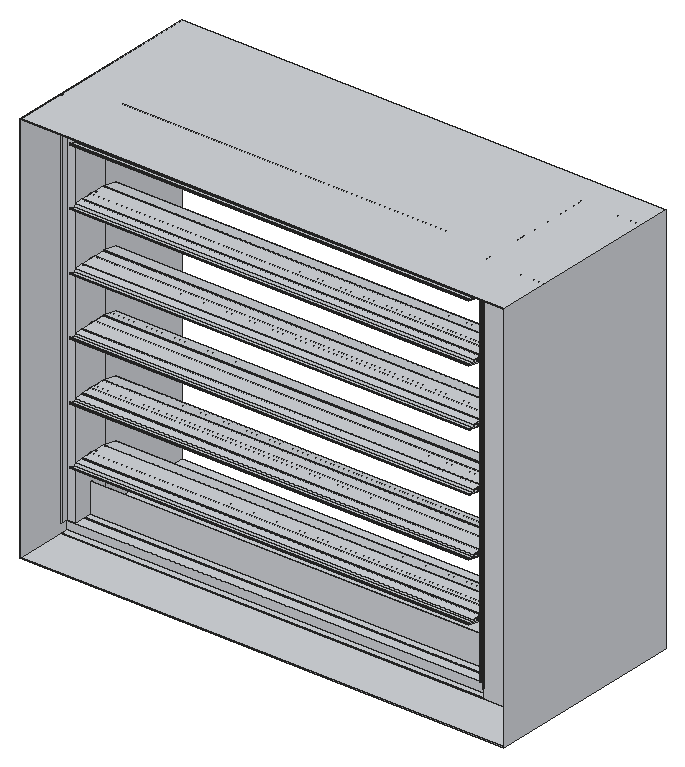
Revit family "FS-AF-FA-I, FS-AF-FA-II", category Mechanical Equipment, Revit 2015
Parameters
  URL = "https://unitedenertech.com/catalog/pdf/P-52%20%20FS-AF-FA-I.pdf-color.pdf"
  Type Comments = "Max. Single Section Size is 42\"w x 48\"h"
  Model = "F/S-AF-FA-I, F/S-AF-FA-II"
  Manufacturer = "United Enertech Corporation"
  Keynote = "FSLF-120 Actuator Shown, See Website for Correct Actuator for Damper Size."
  Exact Width = 4' - 0"
  Exact Height = 3' - 3"
  Description = "Front Access Combination Fire/Smoke Damper"
  Depth = 1' - 8"
  Blade Spacing = 0' - 5 3/4"
  Blade Number [instance] = rounddown((Exact Height - 0' 3") / Blade Spacing)  # 6
  BW [instance] = Exact Width - 0' 8 1/2"  # 3' - 3 1/2"
Reference planes (in)
  plane 1 "Center (Front/Back)": y = 0
  plane 2: z = 0
  plane 3 "Center (Left/Right)": x = 0
  plane 4: z = 39
  plane 5: x = -24
  plane 6: x = 24
  plane 7: z = 0.0359
  plane 8: z = 38.9641
  plane 9: x = -23.9641
  plane 10: x = 23.9641
  plane 11: y = 15
  plane 12: y = -5
  plane 13: y = 5
  plane 14: z = 0.9348
  plane 15: z = 38.0293
  plane 16: x = -23.0293
  plane 17: x = 23.0293
  plane 18: y = 4.3098
  plane 19: z = 37.5
  plane 20: z = 35.24218
  plane 21: z = 35.97045
  plane 22: z = 35.35
  plane 23: x = 17.9641
  plane 24: x = 17.99926
  plane 25: x = -3
  plane 26: x = 17.03051
  plane 27: y = 0.03516
  plane 28: y = 12
  plane 29: y = 11.96484
Forms (in)
  Extrusion 1, solid
    sketch origin (0, 0, 0) x (1, 0, 0) y (0, 0, 1)
      loop
        line (-23.9641, 38.9641) -> (-23.9641, 0.0359) -> (23.9641, 0.0359) -> (23.9641, 38.9641) -> (-23.9641, 38.9641)
      loop
        line (-24, 39) -> (-24, 0) -> (24, 0) -> (24, 39) -> (-24, 39)
    from -15 to 5
  Extrusion 2, solid
    sketch origin (23.93472, -8.11588, 0) x (1, 0, 0) y (0, 1, 0)
      loop
        line (-47.83902, 8.11588) -> (-47.83902, 8.17568) -> (-47.83902, 8.80608) -> (-46.96402, 8.80608) -> (-46.96402, 12.42568) -> (-47.83902, 12.42568) -> (-47.83902, 13.05608) -> (-47.83902, 13.11588) -> (-47.89882, 13.11588) -> (-47.89882, 12.36588) -> (-47.02382, 12.36588) -> (-47.02382, 8.86588) -> (-47.89882, 8.86588) -> (-47.89882, 8.11588) -> (-47.83902, 8.11588)
    from 0.9348 to 38.0293
  Extrusion 3, solid
    sketch origin (31.96104, -8.11588, 36.89882) x (0, 0, 1) y (0, 1, 0)
      loop
        line (-36.83902, 8.17568) -> (-36.83902, 8.80608) -> (-35.96402, 8.80608) -> (-35.96402, 12.42568) -> (-36.83902, 12.42568) -> (-36.83902, 13.05608) -> (-36.83902, 13.11588) -> (-36.89882, 13.11588) -> (-36.89882, 12.36588) -> (-36.02382, 12.36588) -> (-36.02382, 8.86588) -> (-36.89882, 8.86588) -> (-36.89882, 8.11588) -> (-36.83902, 8.11588) -> (-36.83902, 8.17568)
    from 13.99694 to 55.92514
  Extrusion 4, solid
    sketch origin (26.89178, -38.52709, 32.33205) x (0, -1, 0) y (0, 0, -1)
      loop
        line (-41.02709, -5.19725) -> (-41.02709, -5.69725) -> (-40.27709, -5.69725) -> (-40.27709, -5.61625) -> (-40.94609, -5.61625) -> (-40.94609, -5.19725) -> (-41.02709, -5.19725)
    from -49.92108 to -9.86127
  Extrusion 5, solid
    sketch origin (62.39247, 5.64851, 0.33329) x (0, 1, 0) y (0, 0, 1)
      loop
        line (-3.14851, 3.60151) -> (-3.22663, 3.60151) -> (-3.22663, 0.67964) -> (-3.89851, 0.67964) -> (-3.89851, 0.60151) -> (-3.14851, 0.60151) -> (-3.14851, 3.60151)
    from -85.42177 to -45.36196
  Extrusion 6, solid
    sketch origin (31.96104, -8.11588, 11.06528) x (0, 0, -1) y (0, -1, 0)
      loop
        line (-27.83902, -8.17568) -> (-27.83902, -8.11588) -> (-27.89882, -8.11588) -> (-27.89882, -8.86588) -> (-27.02382, -8.86588) -> (-27.02382, -12.36588) -> (-27.89882, -12.36588) -> (-27.89882, -13.11588) -> (-27.83902, -13.11588) -> (-27.83902, -13.05608) -> (-27.83902, -12.42568) -> (-26.96402, -12.42568) -> (-26.96402, -8.80608) -> (-27.83902, -8.80608) -> (-27.83902, -8.17568)
    from 13.99694 to 55.92514
  Extrusion 7, solid
    sketch origin (0, 0, 0) x (0, 1, 0) y (0, 0, 1)
      loop
        line (7.9528, 35.24218) -> (7.6668, 35.24218)
        arc (7.6668, 35.24218) -> (7.8098, 34.71875) -> (7.9528, 35.24218) r 0.28125
    from -23.9641 to 23.9641
  Extrusion 8, solid
    sketch origin (-29.93472, -8.11588, 0) x (-1, 0, 0) y (0, -1, 0)
      loop
        line (-47.83902, -8.11588) -> (-47.89882, -8.11588) -> (-47.89882, -8.86588) -> (-47.02382, -8.86588) -> (-47.02382, -12.36588) -> (-47.89882, -12.36588) -> (-47.89882, -13.11588) -> (-47.83902, -13.11588) -> (-47.83902, -13.05608) -> (-47.83902, -12.42568) -> (-46.96402, -12.42568) -> (-46.96402, -8.80608) -> (-47.83902, -8.80608) -> (-47.83902, -8.17568) -> (-47.83902, -8.11588)
    from 0.9348 to 38.0293
  Extrusion 9, solid
    sketch origin (0, 0, 0) x (1, 0, 0) y (0, 1, 0)
      loop
        line (23.9641, 12) -> (17.9641, 12) -> (17.9641, 0) -> (23.9641, 0) -> (23.9641, 0.03516) -> (17.99926, 0.03516) -> (17.99926, 11.96484) -> (23.9641, 11.96484) -> (23.9641, 12)
    from 0 to 38.9641
Dimensions and locks (in)
  "Exact Height": plane 4 to level
  equal spacing: plane 5, plane 3 "Center (Left/Right)", plane 6
  "Exact Width": plane 5 to plane 6
  locked: plane 7 to level at 0.0359
  locked: plane 4 to plane 8 at 0.0359
  locked: plane 5 to plane 9 at 0.0359
  locked: plane 10 to plane 6 at 0.0359
  "Depth": plane 11 to plane 12
  locked: plane 14 to level at 0.9348
  locked: plane 8 to plane 15 at 0.9348
  locked: plane 16 to plane 9 at 0.9348
  locked: plane 10 to plane 17 at 0.9348
  locked: plane 13 to plane 18 at 0.6902
  locked: plane 4 to plane 19 at 1.5
  locked: plane 4 to plane 20 at 3.75782
  locked: plane 4 to plane 21 at 3.02955
  locked: plane 4 to plane 22 at 3.65
  equal spacing: group 2, group 3, group 4, group 5, group 6, group 7  (x2)
  equal spacing: group 7, group 6, group 5, group 4, group 3, group 2
  "Blade Spacing": nested 6 to nested 5
  locked: plane 23 to plane 10 at 6
  locked: plane 23 to plane 24 at 0.03516
  equal spacing: plane 9, plane 25, plane 23
  locked: plane 26 to plane 23 at 0.93359
  locked: plane 1 "Center (Front/Back)" to plane 27 at 0.03516
  locked: plane 1 "Center (Front/Back)" to plane 28 at 12
  locked: plane 29 to plane 28 at 0.03516
  locked: plane 28 to plane 11 at 3
  aligned and locked: level to plane 2
  aligned and locked: Extrusion 1 sketch curve to plane 4
  aligned and locked: level to Extrusion 1 sketch curve
  aligned and locked: Extrusion 1 sketch curve to plane 5
  aligned and locked: Extrusion 1 sketch curve to plane 6
  aligned and locked: Extrusion 1 sketch curve to plane 8
  aligned and locked: plane 7 to Extrusion 1 sketch curve
  aligned and locked: plane 10 to Extrusion 1 sketch curve
  aligned and locked: plane 9 to Extrusion 1 sketch curve
  aligned and locked: plane 11 to Extrusion 1
  aligned and locked: Extrusion 1 to plane 12
  aligned and locked: Extrusion 2 to plane 9
  aligned and locked: Extrusion 3 to plane 9
  aligned and locked: Extrusion 2 to plane 14
  aligned and locked: plane 8 to Extrusion 6
  aligned and locked: plane 15 to Extrusion 2
  aligned and locked: Extrusion 6 to plane 9
  aligned and locked: Extrusion 5 to plane 16
  aligned and locked: Extrusion 6 to plane 15
  aligned and locked: plane 15 to Extrusion 4
  aligned and locked: Extrusion 4 to plane 16
  aligned and locked: nested 2 to plane 10
  aligned and locked: plane 9 to nested 3
  aligned and locked: nested 3 to plane 18
  aligned and locked: plane 18 to nested 2
  aligned and locked: Extrusion 7 to plane 10
  aligned and locked: Extrusion 7 to plane 9
  aligned and locked: nested 3 to plane 19
  aligned and locked: plane 19 to nested 2
  aligned and locked: plane 20 to Extrusion 7
  aligned and locked: plane 17 to nested 4
  aligned and locked: plane 21 to nested 4
  aligned and locked: plane 22 to nested 5
  aligned and locked: Extrusion 6 to plane 23
  aligned and locked: Extrusion 4 to plane 26
  aligned and locked: Extrusion 5 to plane 26
  aligned and locked: Extrusion 3 to plane 23
  aligned and locked: nested 5 to plane 25
  aligned and locked: plane 15 to Extrusion 8
  aligned and locked: Extrusion 9 sketch curve to plane 10  (x2)
  aligned and locked: Extrusion 9 sketch curve to plane 28
  aligned and locked: plane 29 to Extrusion 9 sketch curve
  aligned and locked: plane 23 to Extrusion 9 sketch curve
  aligned and locked: Extrusion 9 sketch curve to plane 24
  aligned and locked: plane 1 "Center (Front/Back)" to Extrusion 9 sketch curve
  aligned and locked: Extrusion 9 sketch curve to plane 27
  aligned and locked: plane 8 to Extrusion 9
Automatic sketch dimensions
  Extrusion 2 sketch curve to plane 9 = 0' - 0"  (x2)
  plane 1 "Center (Front/Back)" to Extrusion 2 sketch curve = 0' - 0"
  plane 18 to Extrusion 2 sketch curve = 0' - 0"
  plane 13 to Extrusion 2 sketch curve = 0' - 0"
  Extrusion 2 sketch curve to plane 16 = 0' - 0"
  plane 9 to Extrusion 2 sketch curve = 0' - 0.0598"  (x2)
  Extrusion 2 sketch curve to plane 16 = 0' - 0.0598"
  Extrusion 2 sketch curve to plane 1 "Center (Front/Back)" = 0' - 0.0598"
  Extrusion 2 sketch curve to Extrusion 2 sketch curve = 0' - 0.6304"
  Extrusion 2 sketch curve to Extrusion 2 sketch curve = 0' - 0.0598"  (x2)
  plane 18 to Extrusion 2 sketch curve = 0' - 0.0598"
  Extrusion 3 sketch curve to level = 0' - 0"  (x2)
  Extrusion 3 sketch curve to plane 1 "Center (Front/Back)" = 0' - 0"
  Extrusion 3 sketch curve to plane 18 = 0' - 0"
  Extrusion 3 sketch curve to plane 13 = 0' - 0"
  Extrusion 3 sketch curve to plane 14 = 0' - 0"
  plane 7 to Extrusion 3 sketch curve = 0' - 0.0239"  (x2)
  Extrusion 3 sketch curve to plane 14 = 0' - 0.0598"
  Extrusion 3 sketch curve to plane 1 "Center (Front/Back)" = 0' - 0.0598"
  Extrusion 3 sketch curve to Extrusion 3 sketch curve = 0' - 0.6304"
  Extrusion 3 sketch curve to Extrusion 3 sketch curve = 0' - 0.0598"
  plane 18 to Extrusion 3 sketch curve = 0' - 0.0598"
  plane 13 to Extrusion 3 sketch curve = 0' - 0.0598"
  plane 15 to Extrusion 4 sketch curve = 0' - 0"
  plane 19 to Extrusion 4 sketch curve = 0' - 0.0293"
  plane 18 to Extrusion 4 sketch curve = 0' - 1.8098"
  Extrusion 4 sketch curve to Extrusion 4 sketch curve = 0' - 0.081"
  Extrusion 4 sketch curve to plane 15 = 0' - 0.081"
  Extrusion 4 sketch curve to Extrusion 4 sketch curve = 0' - 0.669"
  plane 14 to Extrusion 5 sketch curve = 0' - 0"
  plane 14 to Extrusion 5 sketch curve = 0' - 0 5/64"
  Extrusion 5 sketch curve to plane 1 "Center (Front/Back)" = 0' - 1 3/4"
  plane 18 to Extrusion 5 sketch curve = 0' - 1.88793"
  Extrusion 5 sketch curve to Extrusion 5 sketch curve = 0' - 0 5/64"
  Extrusion 5 sketch curve to Extrusion 5 sketch curve = 0' - 2 59/64"
  Extrusion 6 sketch curve to plane 8 = 0' - 0"  (x2)
  Extrusion 6 sketch curve to plane 1 "Center (Front/Back)" = 0' - 0"
  Extrusion 6 sketch curve to plane 18 = 0' - 0"
  Extrusion 6 sketch curve to plane 13 = 0' - 0"
  Extrusion 6 sketch curve to plane 15 = 0' - 0"
  Extrusion 6 sketch curve to plane 8 = 0' - 0.0598"  (x2)
  plane 15 to Extrusion 6 sketch curve = 0' - 0.0598"
  plane 13 to Extrusion 6 sketch curve = 0' - 0.0598"
  plane 18 to Extrusion 6 sketch curve = 0' - 0.0598"
  Extrusion 6 sketch curve to Extrusion 6 sketch curve = 0' - 0 3/4"
  Extrusion 6 sketch curve to Extrusion 6 sketch curve = 0' - 0.0598"  (x2)
  Extrusion 7 sketch curve to plane 20 = 0' - 0"
  Extrusion 7 sketch curve to plane 13 = 0' - 2.6668"
  Extrusion 7 sketch curve to Extrusion 7 sketch curve = 0' - 0.143"
  Extrusion 7 sketch curve to plane 20 = 0' - 0 31/128"
  plane 13 to Extrusion 8 sketch curve = 0' - 0"
  Extrusion 8 sketch curve to plane 23 = 0' - 0"  (x2)
  plane 1 "Center (Front/Back)" to Extrusion 8 sketch curve = 0' - 0"
  plane 18 to Extrusion 8 sketch curve = 0' - 0"
  Extrusion 8 sketch curve to plane 23 = 0' - 0.0598"  (x2)
  plane 26 to Extrusion 8 sketch curve = 0' - 0 15/256"
  Extrusion 8 sketch curve to plane 26 = 0' - 0.00121"
  plane 1 "Center (Front/Back)" to Extrusion 8 sketch curve = 0' - 0.0598"
  Extrusion 8 sketch curve to Extrusion 8 sketch curve = 0' - 0.6304"
  Extrusion 8 sketch curve to Extrusion 8 sketch curve = 0' - 0.0598"
  Extrusion 8 sketch curve to plane 18 = 0' - 0.0598"
  Extrusion 8 sketch curve to plane 13 = 0' - 0.0598"
Nested families (in)
  nested 1: "160BL" at (62.39247, -25.11688, 30.67097), type "160BL", not visible
    with Blade Width 3' - 3 1/2"
  nested 2: "Fire Smoke Actuator Bracket" at (24.23913, 4.3098, 36.56141) x (0, 0, 1) z (0, 1, 0), type "Fire Smoke Actuator Bracket"
  nested 3: "Fire Smoke Actuator Bracket" at (-24.23913, 4.3098, 36.56141) x (0, 0, 1) z (0, 1, 0), type "Fire Smoke Actuator Bracket"
  nested 4: "FSLF-120" at (20.8204, 12.99816, 27.76305), type "FSLF-120"
  nested 5: "160BL" at (-3, 2.25202, 33.74365), type "160BL"
    with Blade Width 3' - 3 1/2"
  nested 6: "160BL" at (-3, 2.25202, 27.99365), type "160BL"
    with Blade Width 3' - 3 1/2"
  nested 7: "160BL" at (-3, 2.25202, 22.24365), type "160BL"
    with Blade Width 3' - 3 1/2"
  nested 8: "160BL" at (-3, 2.25202, 16.49365), type "160BL"
    with Blade Width 3' - 3 1/2"
  nested 9: "160BL" at (-3, 2.25202, 10.74365), type "160BL"
    with Blade Width 3' - 3 1/2"
  nested 10: "160BL" at (-3, 2.25202, 4.99365), type "160BL"
    with Blade Width 3' - 3 1/2"
Definition of nested family "160BL"
  Parameters (values of type "160BL")
    Blade Width = 2' - 0"
  Reference planes (in)
    plane 1 "Center (Front/Back)": y = 0
    plane 2: z = 0
    plane 3 "Center (Left/Right)": x = 0
    plane 4: x = -12
    plane 5: x = 12
    plane 6: x = 13
    plane 7: x = 10
    plane 8: x = -10
    plane 9: x = -13
  Forms (in)
    Extrusion 1, solid
      sketch origin (-29.66395, -41.88595, -4.51752) x (0, -1, 0) y (0, 0, -1)
        loop
          line (-42.3214, -5.69562) -> (-42.3214, -6.04405) -> (-41.94647, -6.04405) -> (-41.94647, -5.69562) -> (-42.3214, -5.69562)
      from 39.66395 to 42.66395
    Extrusion 2, solid
      sketch origin (-29.66395, -42.01854, -6.8342) x (0, -1, 0) y (0, 0, -1)
        loop
          line (-43.46599, -7.97904) -> (-43.51899, -7.97904) -> (-43.51899, -8.39235) -> (-42.90411, -8.41377) -> (-42.50696, -8.41377) -> (-42.50696, -8.36074) -> (-42.90411, -8.36074) -> (-43.46599, -8.34116) -> (-43.46599, -7.97904)
      from 17.66395 to 41.66395
    Extrusion 3, solid
      sketch origin (-29.66395, -42.01854, -6.8342) x (0, -1, 0) y (0, 0, -1)
        loop
          line (-43.41296, -8.32667) -> (-43.41296, -8.03022) -> (-42.89933, -8.01224) -> (-42.50696, -8.01224) -> (-42.50696, -8.41377) -> (-42.02598, -8.41377) -> (-42.02598, -8.0123) -> (-41.62883, -8.0123) -> (-41.11996, -8.03003) -> (-41.11996, -8.32648) -> (-41.06699, -8.32648) -> (-41.06699, -7.97904) -> (-41.63442, -7.95927) -> (-42.07906, -7.95927) -> (-42.07906, -8.36074) -> (-42.45398, -8.36074) -> (-42.45398, -7.95927) -> (-42.90119, -7.95927) -> (-43.46596, -7.97904) -> (-43.46596, -8.32667) -> (-43.41296, -8.32667)
      from 17.66395 to 41.66395
    Extrusion 4, solid
      sketch origin (-29.66395, -42.01854, -6.8342) x (0, -1, 0) y (0, 0, -1)
        loop
          line (-42.45398, -7.95927) -> (-42.45398, -8.01224) -> (-42.07906, -8.01224) -> (-42.07906, -7.95927) -> (-42.45398, -7.95927)
      from 17.66395 to 41.66395
    Extrusion 5, solid
      sketch origin (-29.66395, -42.01854, -6.8342) x (0, -1, 0) y (0, 0, -1)
        loop
          line (-41.06705, -7.97904) -> (-41.06705, -8.34116) -> (-41.62893, -8.36074) -> (-42.02598, -8.36074) -> (-42.02598, -8.41377) -> (-41.62893, -8.41377) -> (-41.01405, -8.39235) -> (-41.01405, -7.97904) -> (-41.06705, -7.97904)
      from 17.66395 to 41.66395
    Extrusion 6, solid
      sketch origin (-29.66395, -42.01854, -6.8342) x (0, -1, 0) y (0, 0, -1)
        loop
          line (-45.11444, -8.04212) -> (-45.14143, -8.06102) -> (-45.14143, -8.15472) -> (-43.65311, -8.44766) -> (-43.61881, -8.3631) -> (-43.58593, -8.44056) -> (-40.94517, -8.44056) -> (-40.91325, -8.36156) -> (-40.87962, -8.44109) -> (-40.06454, -8.37558) -> (-40.01199, -8.16476) -> (-39.44168, -8.27557) -> (-39.41851, -8.2524) -> (-40.03184, -8.13323) -> (-40.08641, -8.35172) -> (-40.86, -8.41376) -> (-40.88095, -8.33556) -> (-40.94478, -8.33556) -> (-40.96652, -8.41377) -> (-43.56615, -8.41377) -> (-43.58705, -8.33578) -> (-43.65168, -8.33578) -> (-43.67323, -8.41619) -> (-45.11444, -8.13252) -> (-45.11444, -8.04212)
      from 17.66395 to 41.66395
    Extrusion 7, solid
      sketch origin (-29.66395, 42.51351, 9.53877) x (0, 1, 0) y (0, 0, 1)
        loop
          line (-45.11444, -8.04212) -> (-45.14143, -8.06102) -> (-45.14143, -8.15472) -> (-43.65311, -8.44766) -> (-43.61881, -8.3631) -> (-43.58593, -8.44056) -> (-40.94517, -8.44056) -> (-40.91325, -8.36156) -> (-40.87962, -8.44109) -> (-40.06454, -8.37558) -> (-40.01199, -8.16476) -> (-39.44168, -8.27557) -> (-39.41851, -8.2524) -> (-40.03184, -8.13323) -> (-40.08641, -8.35172) -> (-40.86, -8.41376) -> (-40.88095, -8.33556) -> (-40.94478, -8.33556) -> (-40.96652, -8.41377) -> (-43.56615, -8.41377) -> (-43.58705, -8.33578) -> (-43.65168, -8.33578) -> (-43.67323, -8.41619) -> (-45.11444, -8.13252) -> (-45.11444, -8.04212)
      from 17.66395 to 41.66395
    Extrusion 8, solid
      sketch origin (-63.16395, -41.88595, -4.51752) x (0, -1, 0) y (0, 0, -1)
        loop
          line (-42.3214, -5.69562) -> (-42.3214, -6.04405) -> (-41.94647, -6.04405) -> (-41.94647, -5.69562) -> (-42.3214, -5.69562)
      from 50.16395 to 53.16395
  Dimensions and locks (in)
    equal spacing: plane 4, plane 3 "Center (Left/Right)", plane 5
    "Blade Width": plane 4 to plane 5
    locked: plane 7 to plane 5 at 2
    locked: plane 5 to plane 6 at 1
    locked: plane 4 to plane 8 at 2
    locked: plane 9 to plane 4 at 1
    aligned and locked: level to plane 2
    aligned and locked: plane 5 to Extrusion 6
    aligned and locked: plane 5 to Extrusion 7
    aligned and locked: plane 5 to Extrusion 5
    aligned and locked: plane 5 to Extrusion 3
    aligned and locked: plane 5 to Extrusion 2
    aligned and locked: Extrusion 1 to plane 6
    aligned and locked: plane 5 to Extrusion 4
    aligned and locked: plane 7 to Extrusion 1
    aligned and locked: Extrusion 8 to plane 9
    aligned and locked: Extrusion 8 to plane 8
    aligned and locked: plane 4 to Extrusion 6
    aligned and locked: plane 4 to Extrusion 7
    aligned and locked: plane 4 to Extrusion 2
    aligned and locked: plane 4 to Extrusion 3
    aligned and locked: plane 4 to Extrusion 5
    aligned and locked: plane 4 to Extrusion 4
  Automatic sketch dimensions
    Extrusion 1 sketch curve to plane 1 "Center (Front/Back)" = 0' - 0.43545"
    Extrusion 1 sketch curve to plane 1 "Center (Front/Back)" = 0' - 0.06052"
    level to Extrusion 1 sketch curve = 0' - 1.52654"
    Extrusion 1 sketch curve to Extrusion 1 sketch curve = 0' - 0.34843"
    Extrusion 2 sketch curve to plane 1 "Center (Front/Back)" = 0' - 1.50045"
    Extrusion 2 sketch curve to Extrusion 2 sketch curve = 0' - 0.053"
    Extrusion 2 sketch curve to Extrusion 2 sketch curve = 0' - 0.56188"
    Extrusion 2 sketch curve to Extrusion 2 sketch curve = 0' - 0"
    Extrusion 2 sketch curve to Extrusion 2 sketch curve = 0' - 0.39715"
    level to Extrusion 2 sketch curve = 0' - 1.57957"
    Extrusion 2 sketch curve to Extrusion 2 sketch curve = 0' - 0.02142"
    Extrusion 2 sketch curve to Extrusion 2 sketch curve = 0' - 0.05303"
    Extrusion 2 sketch curve to Extrusion 2 sketch curve = 0' - 0.05119"
    Extrusion 2 sketch curve to Extrusion 2 sketch curve = 0' - 0.36212"
    Extrusion 3 sketch curve to plane 1 "Center (Front/Back)" = 0' - 1.44742"
    Extrusion 3 sketch curve to Extrusion 3 sketch curve = 0' - 0.053"
    Extrusion 3 sketch curve to Extrusion 3 sketch curve = 0' - 0.51177"
    Extrusion 3 sketch curve to Extrusion 3 sketch curve = 0' - 0.00185"
    Extrusion 3 sketch curve to plane 1 "Center (Front/Back)" = 0' - 0.48842"
    Extrusion 3 sketch curve to Extrusion 3 sketch curve = 0' - 0.05297"  (x3)
    Extrusion 3 sketch curve to plane 1 "Center (Front/Back)" = 0' - 0.06052"
    Extrusion 3 sketch curve to plane 1 "Center (Front/Back)" = 0' - 0.00745"
    plane 1 "Center (Front/Back)" to Extrusion 3 sketch curve = 0' - 0.38411"
    Extrusion 3 sketch curve to Extrusion 3 sketch curve = 0' - 0.00559"
    Extrusion 3 sketch curve to Extrusion 3 sketch curve = 0' - 0.50887"
    level to Extrusion 3 sketch curve = 0' - 1.57957"
    Extrusion 3 sketch curve to Extrusion 3 sketch curve = 0' - 0.05303"  (x2)
    Extrusion 3 sketch curve to Extrusion 3 sketch curve = 0' - 0.0871"
    Extrusion 3 sketch curve to Extrusion 3 sketch curve = 0' - 0.08729"
    Extrusion 3 sketch curve to Extrusion 3 sketch curve = 0' - 0.29645"  (x2)
    Extrusion 3 sketch curve to Extrusion 3 sketch curve = 0' - 0.34843"
    Extrusion 3 sketch curve to Extrusion 3 sketch curve = 0' - 0.01798"
    Extrusion 3 sketch curve to Extrusion 3 sketch curve = 0' - 0.05099"
    Extrusion 3 sketch curve to Extrusion 3 sketch curve = 0' - 0.05118"
    Extrusion 4 sketch curve to plane 1 "Center (Front/Back)" = 0' - 0.43545"
    Extrusion 4 sketch curve to plane 1 "Center (Front/Back)" = 0' - 0.06052"
    level to Extrusion 4 sketch curve = 0' - 1.17804"
    Extrusion 4 sketch curve to Extrusion 4 sketch curve = 0' - 0.05297"
    Extrusion 5 sketch curve to plane 1 "Center (Front/Back)" = 0' - 0.00745"
    plane 1 "Center (Front/Back)" to Extrusion 5 sketch curve = 0' - 0.3896"
    Extrusion 5 sketch curve to Extrusion 5 sketch curve = 0' - 0"
    Extrusion 5 sketch curve to Extrusion 5 sketch curve = 0' - 0.56188"
    Extrusion 5 sketch curve to Extrusion 5 sketch curve = 0' - 0.053"
    level to Extrusion 5 sketch curve = 0' - 1.57957"
    Extrusion 5 sketch curve to Extrusion 5 sketch curve = 0' - 0.02142"
    Extrusion 5 sketch curve to Extrusion 5 sketch curve = 0' - 0.05303"
    Extrusion 5 sketch curve to Extrusion 5 sketch curve = 0' - 0.05119"
    Extrusion 5 sketch curve to Extrusion 5 sketch curve = 0' - 0.36212"
    level to Extrusion 6 sketch curve = 0' - 1.32052"
    Extrusion 6 sketch curve to plane 1 "Center (Front/Back)" = 0' - 3.12289"
    level to Extrusion 6 sketch curve = 0' - 1.20792"
    Extrusion 6 sketch curve to Extrusion 6 sketch curve = 0' - 0.02699"
    Extrusion 6 sketch curve to Extrusion 6 sketch curve = 0' - 1.44121"
    Extrusion 6 sketch curve to Extrusion 6 sketch curve = 0' - 0.02012"
    Extrusion 6 sketch curve to Extrusion 6 sketch curve = 0' - 0.02155"
    Extrusion 6 sketch curve to Extrusion 6 sketch curve = 0' - 0.03287"
    Extrusion 6 sketch curve to Extrusion 6 sketch curve = 0' - 0.03176"
    Extrusion 6 sketch curve to Extrusion 6 sketch curve = 0' - 0.06717"
    Extrusion 6 sketch curve to Extrusion 6 sketch curve = 0' - 0.01978"
    plane 1 "Center (Front/Back)" to Extrusion 6 sketch curve = 0' - 1.05202"
    Extrusion 6 sketch curve to Extrusion 6 sketch curve = 0' - 0.02136"
    Extrusion 6 sketch curve to Extrusion 6 sketch curve = 0' - 0.02174"
    Extrusion 6 sketch curve to Extrusion 6 sketch curve = 0' - 0.03153"  (x2)
    Extrusion 6 sketch curve to Extrusion 6 sketch curve = 0' - 0.0323"
    Extrusion 6 sketch curve to Extrusion 6 sketch curve = 0' - 0.06554"
    Extrusion 6 sketch curve to Extrusion 6 sketch curve = 0' - 0.01963"
    Extrusion 6 sketch curve to Extrusion 6 sketch curve = 0' - 0.77359"
    Extrusion 6 sketch curve to Extrusion 6 sketch curve = 0' - 0.02187"
    Extrusion 6 sketch curve to Extrusion 6 sketch curve = 0' - 0.05457"
    Extrusion 6 sketch curve to Extrusion 6 sketch curve = 0' - 0.01985"
    Extrusion 6 sketch curve to Extrusion 6 sketch curve = 0' - 0 73/128"
    Extrusion 6 sketch curve to Extrusion 6 sketch curve = 0' - 0.02317"  (x2)
    level to Extrusion 6 sketch curve = 0' - 1.33056"
    Extrusion 6 sketch curve to Extrusion 6 sketch curve = 0' - 0.08764"
    Extrusion 6 sketch curve to Extrusion 6 sketch curve = 0' - 0.1708"
    level to Extrusion 6 sketch curve = 0' - 1.50158"
    Extrusion 6 sketch curve to Extrusion 6 sketch curve = 0' - 0.18696"
    Extrusion 6 sketch curve to Extrusion 6 sketch curve = 0' - 0.02601"
    Extrusion 6 sketch curve to Extrusion 6 sketch curve = 0' - 0 7/256"  (x2)
    Extrusion 6 sketch curve to Extrusion 6 sketch curve = 0' - 0.02386"
    Extrusion 6 sketch curve to Extrusion 6 sketch curve = 0' - 0.05219"
    Extrusion 6 sketch curve to Extrusion 6 sketch curve = 0' - 0.05067"
    Extrusion 6 sketch curve to Extrusion 6 sketch curve = 0' - 0.05309"
    Extrusion 6 sketch curve to Extrusion 6 sketch curve = 0' - 0.02679"
    Extrusion 6 sketch curve to Extrusion 6 sketch curve = 0' - 0.03147"
    Extrusion 6 sketch curve to Extrusion 6 sketch curve = 0' - 0.0222"
    Extrusion 6 sketch curve to Extrusion 6 sketch curve = 0' - 0.0189"
    plane 1 "Center (Front/Back)" to Extrusion 7 sketch curve = 0' - 2.62792"
    Extrusion 7 sketch curve to Extrusion 7 sketch curve = 0' - 0.02699"
    plane 1 "Center (Front/Back)" to Extrusion 7 sketch curve = 0' - 1.15972"
    Extrusion 7 sketch curve to Extrusion 7 sketch curve = 0' - 0.02012"
    Extrusion 7 sketch curve to Extrusion 7 sketch curve = 0' - 0.02155"
    Extrusion 7 sketch curve to Extrusion 7 sketch curve = 0' - 0.03287"
    Extrusion 7 sketch curve to Extrusion 7 sketch curve = 0' - 0.03176"
    Extrusion 7 sketch curve to Extrusion 7 sketch curve = 0' - 0.06717"
    Extrusion 7 sketch curve to Extrusion 7 sketch curve = 0' - 0.01978"
    Extrusion 7 sketch curve to plane 1 "Center (Front/Back)" = 0' - 1.54699"
    Extrusion 7 sketch curve to Extrusion 7 sketch curve = 0' - 0.02136"
    Extrusion 7 sketch curve to Extrusion 7 sketch curve = 0' - 0.02174"
    Extrusion 7 sketch curve to Extrusion 7 sketch curve = 0' - 0.03153"  (x2)
    Extrusion 7 sketch curve to Extrusion 7 sketch curve = 0' - 0.0323"
    Extrusion 7 sketch curve to Extrusion 7 sketch curve = 0' - 0.06554"
    Extrusion 7 sketch curve to Extrusion 7 sketch curve = 0' - 0.01963"
    level to Extrusion 7 sketch curve = 0' - 1.18705"
    Extrusion 7 sketch curve to Extrusion 7 sketch curve = 0' - 0.77359"
    level to Extrusion 7 sketch curve = 0' - 1.16319"
    Extrusion 7 sketch curve to Extrusion 7 sketch curve = 0' - 0.02187"
    Extrusion 7 sketch curve to Extrusion 7 sketch curve = 0' - 0.05457"
    Extrusion 7 sketch curve to Extrusion 7 sketch curve = 0' - 0.01985"
    level to Extrusion 7 sketch curve = 0' - 1.2632"
    Extrusion 7 sketch curve to Extrusion 7 sketch curve = 0' - 0 73/128"
    level to Extrusion 7 sketch curve = 0' - 1.28637"
    Extrusion 7 sketch curve to Extrusion 7 sketch curve = 0' - 0.02317"
    Extrusion 7 sketch curve to Extrusion 7 sketch curve = 0' - 0.06204"
    level to Extrusion 7 sketch curve = 0' - 1 1/8"
    Extrusion 7 sketch curve to Extrusion 7 sketch curve = 0' - 0.00242"
    Extrusion 7 sketch curve to Extrusion 7 sketch curve = 0' - 0.02679"
    Extrusion 7 sketch curve to Extrusion 7 sketch curve = 0' - 0 7/256"  (x2)
    Extrusion 7 sketch curve to Extrusion 7 sketch curve = 0' - 0.03147"
    Extrusion 7 sketch curve to Extrusion 7 sketch curve = 0' - 0.05067"
    Extrusion 7 sketch curve to Extrusion 7 sketch curve = 0' - 0.05219"
    Extrusion 7 sketch curve to Extrusion 7 sketch curve = 0' - 0.02601"
    Extrusion 7 sketch curve to Extrusion 7 sketch curve = 0' - 0.18696"
    level to Extrusion 7 sketch curve = 0' - 1.38405"
    Extrusion 7 sketch curve to Extrusion 7 sketch curve = 0' - 0.0222"
    Extrusion 7 sketch curve to Extrusion 7 sketch curve = 0' - 0.07151"
    Extrusion 7 sketch curve to Extrusion 7 sketch curve = 0' - 0.0189"
    Extrusion 8 sketch curve to plane 1 "Center (Front/Back)" = 0' - 0.43545"
    Extrusion 8 sketch curve to plane 1 "Center (Front/Back)" = 0' - 0.06052"
    level to Extrusion 8 sketch curve = 0' - 1.52654"
    Extrusion 8 sketch curve to Extrusion 8 sketch curve = 0' - 0.34843"
Definition of nested family "Fire Smoke Actuator Bracket"
  Reference planes (in)
    plane 1 "Center (Front/Back)": y = 0
    plane 2: z = 0
    plane 3 "Center (Left/Right)": x = 0
  Forms (in)
    Extrusion 1, solid
      sketch origin (54.09185, -14.49387, 0) x (1, 0, 0) y (0, 1, 0)
        loop
          line (-53.15326, 14.21883) -> (-53.90326, 14.21883) -> (-53.90326, 14.00399) -> (-57.40326, 14.00399) -> (-57.40326, 14.21883) -> (-58.15326, 14.21883) -> (-58.15326, 14.18293) -> (-57.43842, 14.18293) -> (-57.43842, 13.96883) -> (-53.8681, 13.96883) -> (-53.8681, 14.18293) -> (-53.15326, 14.18293) -> (-53.15326, 14.21883)
      from 0 to 5
    Extrusion 2, void
      sketch origin (0, 0, 0) x (1, 0, 0) y (0, 0, 1)
        loop
          circle (-1.56141, 3.5) r 0.28125
      from 0 to 1.04299
  Cuts and joins
    Extrusion 2 cuts Extrusion 1
  Dimensions and locks (in)
    aligned and locked: level to plane 2
Definition of nested family "FSLF-120"
  Reference planes (in)
    plane 1 "Center (Front/Back)": y = 0
    plane 2: z = 0
    plane 3 "Center (Left/Right)": x = 0
  Forms (in)
    Extrusion 1, solid
      sketch origin (0, 0, 0) x (0, 1, 0) y (0, 0, 1)
        loop
          arc (-3.58331, 2.09938) -> (-3.44059, 2.1585) -> (-3.38147, 2.30122) r 0.20184
          line (-3.38147, 2.30122) -> (-3.38147, 7.89928)
          arc (-3.38147, 7.89928) -> (-3.44059, 8.042) -> (-3.58331, 8.10111) r 0.20184
          line (-3.58331, 8.10111) -> (-6.82752, 8.10111)
          arc (-6.82752, 8.10111) -> (-6.97024, 8.042) -> (-7.02936, 7.89928) r 0.20184
          line (-7.02936, 7.89928) -> (-7.02936, 2.30122)
          arc (-7.02936, 2.30122) -> (-6.97024, 2.1585) -> (-6.82752, 2.09938) r 0.20184
          line (-6.82752, 2.09938) -> (-3.58331, 2.09938)
        loop
          circle (-4.59401, 4.1698) r 0.10344
        loop
          circle (-5.18836, 7.24712) r 0.27109
      from 0 to 2.0647
    Extrusion 2, solid
      sketch origin (0, 0, 0) x (0, 1, 0) y (0, 0, 1)
        loop
          line (-5.07889, 1.84303) -> (-5.07889, 1.35428)
          arc (-5.07889, 1.35428) -> (-4.1161, 1.55637) -> (-3.27519, 2.06694) r 2.91799
          line (-3.27519, 2.06694) -> (-3.27519, 7.89928)
          arc (-3.27519, 7.89928) -> (-3.36543, 8.11715) -> (-3.58331, 8.2074) r 0.30812
          line (-3.58331, 8.2074) -> (-6.82752, 8.2074)
          arc (-6.82752, 8.2074) -> (-7.0454, 8.11715) -> (-7.13564, 7.89928) r 0.30812
          line (-7.13564, 7.89928) -> (-7.13564, 2.09702)
          arc (-7.13564, 2.09702) -> (-6.28174, 1.56481) -> (-5.29782, 1.35428) r 2.91799
          line (-5.29782, 1.35428) -> (-5.29782, 1.84303)
          arc (-5.29782, 1.84303) -> (-5.18836, 1.95249) -> (-5.07889, 1.84303) r 0.10947
        loop
          circle (-4.59401, 4.1698) r 0.28363
        loop
          circle (-5.18836, 7.24712) r 0.27109
      from 0 to -0.1442
    Extrusion 3, solid
      sketch origin (0, 0, 0) x (0, 1, 0) y (0, 0, 1)
        loop
          line (-5.07889, 1.84303) -> (-5.07889, 1.35428)
          arc (-5.07889, 1.35428) -> (-4.1161, 1.55637) -> (-3.27519, 2.06694) r 2.91799
          line (-3.27519, 2.06694) -> (-3.27519, 7.89928)
          arc (-3.27519, 7.89928) -> (-3.36543, 8.11715) -> (-3.58331, 8.2074) r 0.30812
          line (-3.58331, 8.2074) -> (-6.82752, 8.2074)
          arc (-6.82752, 8.2074) -> (-7.0454, 8.11715) -> (-7.13564, 7.89928) r 0.30812
          line (-7.13564, 7.89928) -> (-7.13564, 2.09702)
          arc (-7.13564, 2.09702) -> (-6.28174, 1.56481) -> (-5.29782, 1.35428) r 2.91799
          line (-5.29782, 1.35428) -> (-5.29782, 1.84303)
          arc (-5.29782, 1.84303) -> (-5.18836, 1.95249) -> (-5.07889, 1.84303) r 0.10947
        loop
          circle (-4.59401, 4.1698) r 0.28363
        loop
          circle (-5.18836, 7.24712) r 0.27109
      from 2.2089 to 2.0647
    Revolve 4, solid
      sketch origin (0.70002, 0, 0) x (0, 1, 0) y (0, 0, 1)
        loop
          line (-4.0031, 0.95098) -> (-3.92703, 0.95098) -> (-3.92703, 1.1774) -> (-3.48966, 1.1774) -> (-3.48966, 2.15927) -> (-4.0031, 2.15927) -> (-4.0031, 0.95098)
        axis (-4.0031, 0.95098) -> (-4.0031, 2.15927)
      angle from 0 to 360
    Revolve 5, solid
      sketch origin (0.70002, -10.37672, 0) x (0, -1, 0) y (0, 0, -1)
        loop
          line (-4.0031, -0.95098) -> (-4.0031, -2.15927) -> (-3.48966, -2.15927) -> (-3.48966, -1.1774) -> (-3.92703, -1.1774) -> (-3.92703, -0.95098) -> (-4.0031, -0.95098)
        axis (-4.0031, -0.95098) -> (-4.0031, -2.15927)
      angle from 0 to 360
    Extrusion 6, solid
      sketch origin (0, 0, 0) x (0, 1, 0) y (0, 0, 1)
        loop
          circle (-5.18836, 7.24712) r 0.54048
        loop
          circle (-5.18836, 7.24712) r 0.27109
      from 2.4389 to -0.3742
    Extrusion 7, solid
      sketch origin (0, 0, 0) x (0, 1, 0) y (0, 0, 1)
        loop
          line (-3.91306, 6.71864) -> (-3.7518, 6.90501) -> (-4.82025, 7.82944)
          arc (-4.82025, 7.82944) -> (-4.90724, 7.87836) -> (-5.00644, 7.88936) r 0.25
          line (-5.00644, 7.88936) -> (-5.62705, 7.83298)
          arc (-5.62705, 7.83298) -> (-5.79594, 7.74469) -> (-5.85355, 7.56303) r 0.25
          line (-5.85355, 7.56303) -> (-5.80333, 6.9664)
          arc (-5.80333, 6.9664) -> (-5.77611, 6.8722) -> (-5.71475, 6.79572) r 0.25
          line (-5.71475, 6.79572) -> (-4.62328, 5.88139) -> (-4.46502, 6.07031) -> (-5.47779, 6.9187)
          arc (-5.47779, 6.9187) -> (-5.53914, 6.99518) -> (-5.56637, 7.08938) r 0.25
          line (-5.56637, 7.08938) -> (-5.58744, 7.33975)
          arc (-5.58744, 7.33975) -> (-5.52983, 7.52141) -> (-5.36094, 7.60969) r 0.25
          line (-5.36094, 7.60969) -> (-5.08847, 7.63444)
          arc (-5.08847, 7.63444) -> (-4.98927, 7.62345) -> (-4.90228, 7.57453) r 0.25
          line (-4.90228, 7.57453) -> (-3.91306, 6.71864)
      from -0.45408 to -0.64826
    Extrusion 8, solid
      sketch origin (0, 0, 0) x (0, 1, 0) y (0, 0, 1)
        loop
          line (-4.84561, 5.92964) -> (-3.84342, 7.12404) -> (-3.96137, 7.30719) -> (-4.09731, 7.46769)
          arc (-4.09731, 7.46769) -> (-4.29911, 7.57665) -> (-4.45285, 7.74683) r 0.67563
          arc (-4.45285, 7.74683) -> (-4.52455, 7.65639) -> (-4.6158, 7.58572) r 0.47899
          line (-4.6158, 7.58572) -> (-4.72882, 7.47247)
          arc (-4.72882, 7.47247) -> (-4.85345, 6.98422) -> (-5.32567, 6.80835) r 0.54335
          line (-5.32567, 6.80835) -> (-5.42625, 6.68392)
          arc (-5.42625, 6.68392) -> (-5.48681, 6.58567) -> (-5.56911, 6.50475) r 0.47899
          arc (-5.56911, 6.50475) -> (-5.38353, 6.37) -> (-5.25372, 6.18093) r 0.67563
          line (-5.25372, 6.18093) -> (-5.03529, 5.99894) -> (-4.84561, 5.92964)
      from -0.78829 to -0.7065
    Extrusion 9, solid
      sketch origin (0, 0, 0) x (0, 1, 0) y (0, 0, 1)
        loop
          line (-4.84561, 5.92964) -> (-3.84342, 7.12404) -> (-3.87926, 7.17969) -> (-4.90878, 5.95271) -> (-4.84561, 5.92964)
      from -0.7065 to -0.1442
  Lines and regions (in)
    model lines
      curve 1: arc (0, -4.09731, 7.46769) -> (0, -4.29911, 7.57665) -> (0, -4.45285, 7.74683) r 0.67563
      curve 2: arc (0, -4.45285, 7.74683) -> (0, -4.52455, 7.65639) -> (0, -4.6158, 7.58572) r 0.47899
      curve 3: arc (0, -5.56911, 6.50475) -> (0, -5.38353, 6.37) -> (0, -5.25372, 6.18093) r 0.67563
      curve 4: arc (0, -5.42625, 6.68392) -> (0, -5.48681, 6.58567) -> (0, -5.56911, 6.50475) r 0.47899
      curve 5: arc (0, -4.72882, 7.47247) -> (0, -4.85345, 6.98422) -> (0, -5.32567, 6.80835) r 0.54335
      curve 6: arc (0, -5.08847, 7.63444) -> (0, -4.98927, 7.62345) -> (0, -4.90228, 7.57453) r 0.25
      curve 7: arc (0, -5.00644, 7.88936) -> (0, -4.90724, 7.87836) -> (0, -4.82025, 7.82944) r 0.25
      curve 8: arc (0, -5.47779, 6.9187) -> (0, -5.53914, 6.99518) -> (0, -5.56637, 7.08938) r 0.25
      curve 9: arc (0, -5.58744, 7.33975) -> (0, -5.52983, 7.52141) -> (0, -5.36094, 7.60969) r 0.25
      curve 10: line (0, -4.72882, 7.47247) -> (0, -4.6158, 7.58572)
      curve 11: line (0, -5.25372, 6.18093) -> (0, -5.03529, 5.99894)
      curve 12: line (0, -5.03529, 5.99894) -> (0, -3.96137, 7.30719)
      curve 13: line (0, -3.96137, 7.30719) -> (0, -4.09731, 7.46769)
      curve 14: line (0, -5.16521, 6.11335) -> (0, -4.05485, 7.41756)
      curve 15: line (0, -4.98938, 6.05486) -> (0, -4.84561, 5.92964)
      curve 16: line (0, -4.84561, 5.92964) -> (0, -3.84342, 7.12404)
      curve 17: line (0, -3.84342, 7.12404) -> (0, -3.9942, 7.26719)
      curve 18: line (0, -5.47779, 6.9187) -> (0, -4.46502, 6.07031)
      curve 19: line (0, -4.46502, 6.07031) -> (0, -4.62328, 5.88139)
      curve 20: line (0, -4.62328, 5.88139) -> (0, -5.71475, 6.79572)
      curve 21: line (0, -5.32567, 6.80835) -> (0, -5.42625, 6.68392)
      curve 22: line (0, -4.90228, 7.57453) -> (0, -3.91306, 6.71864)
      curve 23: line (0, -3.91306, 6.71864) -> (0, -3.7518, 6.90501)
      curve 24: line (0, -3.7518, 6.90501) -> (0, -4.82025, 7.82944)
      curve 25: line (0, -5.08847, 7.63444) -> (0, -5.36094, 7.60969)
      curve 26: line (0, -5.00644, 7.88936) -> (0, -5.62705, 7.83298)
      curve 27: line (0, -5.56637, 7.08938) -> (0, -5.58744, 7.33975)
      curve 28: line (0, -5.80333, 6.9664) -> (0, -5.85355, 7.56303)
      curve 29: arc (0, -5.71475, 6.79572) -> (0, -5.77611, 6.8722) -> (0, -5.80333, 6.9664) r 0.25
      curve 30: arc (0, -5.85355, 7.56303) -> (0, -5.79594, 7.74469) -> (0, -5.62705, 7.83298) r 0.25
      curve 31: circle (0, -4.59401, 4.1698) r 0.10344 normal (-1, 0, 0)
      curve 32: arc (0, -7.02936, 7.89928) -> (0, -6.97024, 8.042) -> (0, -6.82752, 8.10111) r 0.20184
      curve 33: arc (0, -3.58331, 8.10111) -> (0, -3.44059, 8.042) -> (0, -3.38147, 7.89928) r 0.20184
      curve 34: circle (0, -5.18836, 7.24712) r 0.27109 normal (-1, 0, 0)
      curve 35: circle (0, -5.18836, 7.24712) r 0.54048 normal (-1, 0, 0)
      curve 36: line (0, -6.82752, 8.10111) -> (0, -3.58331, 8.10111)
      curve 37: line (0, -7.02936, 7.89928) -> (0, -7.02936, 2.30122)
      curve 38: line (0, -3.38147, 2.30122) -> (0, -3.38147, 7.89928)
      curve 39: circle (0, -4.59401, 4.1698) r 0.28363 normal (-1, 0, 0)
      curve 40: arc (0, -7.13564, 7.89928) -> (0, -7.0454, 8.11715) -> (0, -6.82752, 8.2074) r 0.30812
      curve 41: arc (0, -3.58331, 8.2074) -> (0, -3.36543, 8.11715) -> (0, -3.27519, 7.89928) r 0.30812
      curve 42: line (0, -7.13564, 2.09702) -> (0, -7.13564, 7.89928)
      curve 43: line (0, -6.82752, 8.2074) -> (0, -3.58331, 8.2074)
      curve 44: line (0, -3.27519, 2.06694) -> (0, -3.27519, 7.89928)
  Dimensions and locks (in)
    aligned and locked: level to plane 2
